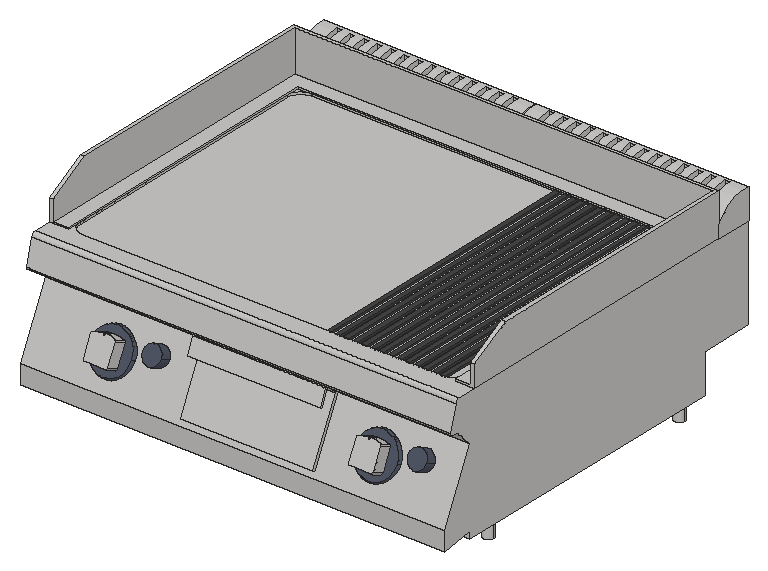
Revit family "QF_ZANUSSI_372041_Z7FTGHCP00", category Specialty Equipment, Revit 2018 (continued)
Automatic sketch dimensions
  plane 1 "BACK" to curve 54 = 6.761 mm
  plane 1 "BACK" to curve 94 = 6.761 mm
  plane 1 "BACK" to curve 90 = 6.761 mm
  plane 1 "BACK" to curve 86 = 6.761 mm
  curve 173 to curve 170 = 9.809 mm
  curve 175 to curve 174 = 0.284 mm
  curve 165 to curve 165 = 0.284 mm
  curve 161 to curve 164 = 9.809 mm
  curve 164 to curve 177 = 34.796 mm
  curve 177 to plane 14 = 3.305 mm
  curve 177 to curve 177 = 16.395 mm
  curve 177 to curve 177 = 1.605 mm
  curve 159 to curve 21 = 0 mm
  curve 160 to curve 23 = 0 mm
  curve 152 to curve 149 = 9.809 mm
  curve 154 to curve 153 = 0.284 mm
  curve 144 to curve 144 = 0.284 mm
  curve 140 to curve 143 = 9.809 mm
  curve 143 to curve 158 = 34.796 mm
  curve 158 to plane 14 = 3.305 mm
  curve 158 to curve 158 = 16.395 mm
  curve 158 to curve 158 = 1.605 mm
  curve 179 to curve 180 = 9 mm
  curve 180 to curve 181 = 7.5 mm
  curve 181 to curve 182 = 9 mm
  curve 182 to curve 183 = 7.5 mm
  curve 183 to curve 184 = 9 mm
  curve 184 to curve 185 = 7.5 mm
  curve 185 to curve 186 = 9 mm
  curve 186 to curve 187 = 7.5 mm
  curve 187 to curve 188 = 9 mm
  curve 188 to curve 189 = 7.5 mm
  curve 189 to curve 190 = 9 mm
  curve 190 to curve 191 = 7.5 mm
  curve 191 to curve 192 = 9 mm
  curve 192 to curve 193 = 7.5 mm
  curve 193 to curve 194 = 9 mm
  curve 194 to curve 195 = 7.5 mm
  curve 195 to curve 196 = 9 mm
  curve 196 to curve 197 = 7.5 mm
  curve 197 to curve 198 = 9 mm
  curve 198 to curve 199 = 7.5 mm
  curve 199 to curve 200 = 9 mm
  curve 200 to curve 201 = 7.5 mm
  curve 201 to curve 202 = 9 mm
  curve 202 to curve 203 = 7.5 mm
  curve 203 to curve 204 = 9 mm
  curve 204 to curve 205 = 7.5 mm
  curve 205 to curve 206 = 9 mm
  plane 11 to curve 207 = 43.768 mm
  curve 206 to curve 207 = 7.5 mm
  curve 207 to curve 208 = 9 mm
  curve 165 to curve 165 = 0.567 mm
  curve 144 to curve 144 = 0.567 mm
  curve 153 to curve 153 = 0.567 mm
  curve 174 to curve 174 = 0.567 mm
  plane 11 to curve 208 = 35.282 mm
  curve 82 to curve 80 = 5.939 mm
  plane 1 "BACK" to curve 208 = 116.603 mm
  curve 208 to curve 207 = 8.485 mm
  curve 207 to curve 206 = 3.232 mm
  curve 205 to curve 206 = 0 mm
  curve 204 to curve 205 = 0 mm  (x2)
  curve 203 to curve 204 = 0 mm  (x2)
  curve 202 to curve 203 = 0 mm  (x2)
  curve 201 to curve 202 = 0 mm
  curve 200 to curve 201 = 0 mm  (x2)
  curve 199 to curve 200 = 0 mm  (x2)
  curve 198 to curve 199 = 0 mm  (x2)
  curve 197 to curve 198 = 0 mm
  curve 196 to curve 197 = 0 mm  (x2)
  curve 195 to curve 196 = 0 mm  (x2)
  curve 194 to curve 195 = 0 mm  (x2)
  curve 193 to curve 194 = 0 mm  (x2)
  curve 192 to curve 193 = 0 mm  (x2)
  curve 191 to curve 192 = 0 mm
  curve 190 to curve 191 = 0 mm  (x2)
  curve 189 to curve 190 = 0 mm  (x2)
  curve 188 to curve 189 = 0 mm  (x2)
  curve 187 to curve 188 = 0 mm  (x2)
  curve 186 to curve 187 = 0 mm  (x2)
  curve 185 to curve 186 = 0 mm
  curve 184 to curve 185 = 0 mm  (x2)
  curve 183 to curve 184 = 0 mm  (x2)
  curve 182 to curve 183 = 0 mm  (x2)
  curve 181 to curve 182 = 0 mm
  curve 180 to curve 181 = 0 mm  (x2)
  curve 179 to curve 180 = 0 mm  (x2)
  Extrusion 27 sketch curve to plane 10 "TOP A" = 0 mm
  Extrusion 27 sketch curve to plane 4 "RIGHT" = 278.593 mm
  Extrusion 27 sketch curve to Extrusion 27 sketch curve = 9 mm
  Extrusion 27 sketch curve to plane 10 "TOP A" = 3.2 mm
  Extrusion 28 sketch curve to plane 10 "TOP A" = 0 mm
  Extrusion 28 sketch curve to plane 4 "RIGHT" = 262.093 mm
  Extrusion 28 sketch curve to Extrusion 28 sketch curve = 9 mm
  Extrusion 28 sketch curve to plane 10 "TOP A" = 3.2 mm
  Extrusion 29 sketch curve to plane 10 "TOP A" = 0 mm
  Extrusion 29 sketch curve to plane 4 "RIGHT" = 245.593 mm
  Extrusion 29 sketch curve to Extrusion 29 sketch curve = 9 mm
  Extrusion 29 sketch curve to plane 10 "TOP A" = 3.2 mm
  Extrusion 30 sketch curve to plane 10 "TOP A" = 0 mm
  Extrusion 30 sketch curve to plane 4 "RIGHT" = 229.093 mm
  Extrusion 30 sketch curve to Extrusion 30 sketch curve = 9 mm
  Extrusion 30 sketch curve to plane 10 "TOP A" = 3.2 mm
  Extrusion 31 sketch curve to plane 10 "TOP A" = 0 mm
  Extrusion 31 sketch curve to plane 4 "RIGHT" = 212.593 mm
  Extrusion 31 sketch curve to Extrusion 31 sketch curve = 9 mm
  Extrusion 31 sketch curve to plane 10 "TOP A" = 3.2 mm
  Extrusion 32 sketch curve to plane 10 "TOP A" = 0 mm
  Extrusion 32 sketch curve to plane 4 "RIGHT" = 196.093 mm
  Extrusion 32 sketch curve to Extrusion 32 sketch curve = 9 mm
  Extrusion 32 sketch curve to plane 10 "TOP A" = 3.2 mm
  Extrusion 33 sketch curve to plane 10 "TOP A" = 0 mm
  Extrusion 33 sketch curve to plane 4 "RIGHT" = 179.593 mm
  Extrusion 33 sketch curve to Extrusion 33 sketch curve = 9 mm
  Extrusion 33 sketch curve to plane 10 "TOP A" = 3.2 mm
  Extrusion 34 sketch curve to plane 10 "TOP A" = 0 mm
  Extrusion 34 sketch curve to plane 4 "RIGHT" = 163.093 mm
  Extrusion 34 sketch curve to Extrusion 34 sketch curve = 9 mm
  Extrusion 34 sketch curve to plane 10 "TOP A" = 3.2 mm
  Extrusion 35 sketch curve to plane 10 "TOP A" = 0 mm
  Extrusion 35 sketch curve to plane 4 "RIGHT" = 146.593 mm
  Extrusion 35 sketch curve to Extrusion 35 sketch curve = 9 mm
  Extrusion 35 sketch curve to plane 10 "TOP A" = 3.2 mm
  Extrusion 36 sketch curve to plane 10 "TOP A" = 0 mm
  Extrusion 36 sketch curve to plane 4 "RIGHT" = 130.093 mm
  Extrusion 36 sketch curve to Extrusion 36 sketch curve = 9 mm
  Extrusion 36 sketch curve to plane 10 "TOP A" = 3.2 mm
  Extrusion 37 sketch curve to plane 10 "TOP A" = 0 mm
  Extrusion 37 sketch curve to plane 4 "RIGHT" = 113.593 mm
  Extrusion 37 sketch curve to Extrusion 37 sketch curve = 9 mm
  Extrusion 37 sketch curve to plane 10 "TOP A" = 3.2 mm
  Extrusion 38 sketch curve to plane 10 "TOP A" = 0 mm
  Extrusion 38 sketch curve to plane 4 "RIGHT" = 97.093 mm
  Extrusion 38 sketch curve to Extrusion 38 sketch curve = 9 mm
  Extrusion 38 sketch curve to plane 10 "TOP A" = 3.2 mm
  Extrusion 39 sketch curve to plane 10 "TOP A" = 0 mm
  Extrusion 39 sketch curve to plane 4 "RIGHT" = 80.593 mm
  Extrusion 39 sketch curve to Extrusion 39 sketch curve = 9 mm
  Extrusion 39 sketch curve to plane 10 "TOP A" = 3.2 mm
  Extrusion 40 sketch curve to plane 10 "TOP A" = 0 mm
  Extrusion 40 sketch curve to plane 4 "RIGHT" = 64.093 mm
  Extrusion 40 sketch curve to Extrusion 40 sketch curve = 9 mm
  Extrusion 40 sketch curve to plane 10 "TOP A" = 3.2 mm
  curve 200 to curve 203 = 0 mm
  plane 11 to curve 182 = 47 mm
  curve 196 to curve 198 = 0 mm
  curve 180 to curve 182 = 0 mm
  curve 206 to curve 207 = 3.232 mm
  curve 190 to curve 192 = 0 mm
  curve 179 to plane 4 "RIGHT" = 278.593 mm
  plane 11 to Extrusion 1 sketch curve = 117.116 mm
  plane 11 to Extrusion 1 sketch curve = 101.999 mm
  Extrusion 1 sketch curve to Extrusion 1 sketch curve = 2.884 mm
  plane 11 to Extrusion 1 sketch curve = 88.948 mm
  Extrusion 1 sketch curve to Extrusion 1 sketch curve = 10.198 mm
  Extrusion 1 sketch curve to Extrusion 1 sketch curve = 7.474 mm
  plane 11 to Extrusion 1 sketch curve = 60.761 mm
  Extrusion 1 sketch curve to Extrusion 1 sketch curve = 0.445 mm
  Extrusion 1 sketch curve to Extrusion 1 sketch curve = 3.2 mm
  Extrusion 1 sketch curve to plane 6 "TOP" = 103.561 mm
  Extrusion 1 sketch curve to Extrusion 1 sketch curve = 31.82 mm
  plane 1 "BACK" to Extrusion 1 sketch curve = 103 mm
  Extrusion 1 sketch curve to plane 13 = 81 mm
  Extrusion 1 sketch curve to plane 1 "BACK" = 0 mm
  Extrusion 1 sketch curve to plane 10 "TOP A" = 176 mm
  Extrusion 1 sketch curve to plane 10 "TOP A" = 209.492 mm
  Extrusion 1 sketch curve to Extrusion 1 sketch curve = 27.08 mm
  Extrusion 1 sketch curve to Extrusion 1 sketch curve = 35 mm
  Extrusion 1 sketch curve to Extrusion 1 sketch curve = 74 mm
  Extrusion 1 sketch curve to plane 13 = 137.816 mm
  Extrusion 1 sketch curve to Extrusion 1 sketch curve = 3 mm
  radius of Extrusion 25 sketch curve = 18 mm
  radius of Extrusion 26 sketch curve = 15 mm
  radius of Extrusion 3 sketch curve = 9.525 mm  (x4)
  radius of Extrusion 4 sketch curve = 6.35 mm
  radius of Blend 17 sketch curve = 42.5 mm
  radius of Blend 17 sketch curve = 40.5 mm
  radius of Split face 5 sketch curve = 2.031 mm
  radius of Split face 6 sketch curve = 3.497 mm
  radius of Split face 7 sketch curve = 3 mm
  radius of Split face 8 sketch curve = 1.5 mm
  radius of Extrusion 19 sketch curve = 18 mm
  radius of Extrusion 20 sketch curve = 15 mm
  radius of Blend 23 sketch curve = 42.5 mm
  radius of Blend 23 sketch curve = 40.5 mm
  radius of Split face 13 sketch curve = 2.031 mm
  radius of Split face 14 sketch curve = 3.497 mm
  radius of Split face 15 sketch curve = 3 mm
  radius of Split face 16 sketch curve = 1.5 mm
Connectors
  piping at (749.2, -98.425, 57.906), diameter 12.7, driven by "Gas Size"
    settings: on Extrusion 4, index 1, connector inside diameter 0.50394", connector length 0 mm, flow factor 0, pipe flow 0 GPM, pressure drop 0.00 psi, fitting loss kfactor 0, connector angle 0.00°, fixture units 0, engagement length 0 mm, angle of deflection 0.00°, flow configuration 1, flow direction 1, fitting loss method 0, system type 7, joint type 0, gender type 0, connector reference index -1, connector utility 0, adjustable connector no, is connector primary yes, connector description "Gas Connection"
